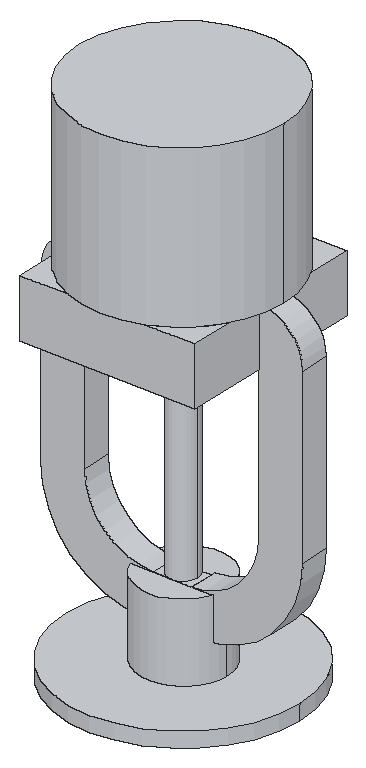
Revit family
Parameters (values of type "RASCO F156 PENDENT")
  Temperature Rating = 200 °F
  Response = (empty or 0)
  RASCO SIN # = "RA1314"
  RASCO Part # = "F56P2C"
  Pressure Rating = "175 PSI"
  Pressure Class = (empty or 0)
  Orifice Size = 1/2"
  Orifice = (empty or 0)
  Model = "F156"
  Manufacturer = "RASCO"
  K-Factor = 5.6
  Description = "Chrome Finish"
  Coverage = (empty or 0)
Reference planes (in)
  plane 1 "Center (Front/Back)": y = 0
  plane 2: z = 0
  plane 3 "Center (Left/Right)": x = 0
Dimensions and locks (in)
  aligned and locked: plane 2 to level
Nested families (in)
  nested 1: "F56P2C" at (-0.0113, 0, 2.4375) x (-1, 0, 0) z (0, 0, -1), type "RASCO F156 PENDENT"
Connectors (in)
  piping at (-0.0113, 0, 2.4375)
    settings: on nested 1, index 1, connector radius 55/128", flow factor 0, pipe flow 0 GPM, pressure drop 0.00 psi, fitting loss kfactor 0, connector angle 0.00°, fixture units 0, flow configuration 0, flow direction 0, fitting loss method 0, system type 7, connector reference index -1, connector utility 0, adjustable connector no, is connector primary yes, fitting loss table "", connector description ""
Definition of nested family "F56P2C"
  Parameters (values of type "RASCO F156 PENDENT")
    Type Comments = ""
    Temperature Rating = 0 °F
    Response = (empty or 0)
    Pressure Rating = "0"
    Pressure Class = (empty or 0)
    Orifice Size = 0"
    Orifice = (empty or 0)
    Model = ""
    Manufacturer = ""
    K-Factor = 0
    Description = ""
    Coverage = (empty or 0)
    Assembly Code = ""
  Reference planes (in)
    plane 1 "Center (Front/Back)": y = 0
    plane 2: z = 0
    plane 3 "ref.2": z = 0.6875
    plane 4 "ref.3": z = 0.9375
    plane 5: x = -0.38065
    plane 6: x = 0.36935
    plane 7 "ref. side 1": y = 0.06402
    plane 8 "ref. side 2": y = -0.06098
    plane 9 "ref.4": z = 1.875
    plane 10 "ref.5": z = 2.3125
    plane 11 "ref.6": z = 2.4375
  Forms (in)
    Extrusion 1, solid
      sketch origin (0, 0, 0) x (1, 0, 0) y (0, 1, 0)
        loop
          circle (0, 0) r 0.4379
      from 0 to 0.6875
    Extrusion 2, solid
      sketch origin (-0.12185, 0.05177, 0.6875) x (1, 0, 0) y (0, 1, 0)
        loop
          line (-0.2588, 0.356) -> (-0.2588, -0.4565) -> (0.4912, -0.4565) -> (0.4912, 0.356) -> (-0.2588, 0.356)
      from 0 to 0.25
    Extrusion 3, solid
      sketch origin (0, 0, 0) x (1, 0, 0) y (0, 0, 1)
        loop
          line (-0.38065, 0.68754) -> (-0.38065, 1.58397)
          arc (-0.38065, 1.58397) -> (-0.29541, 1.78976) -> (-0.08962, 1.875) r 0.29103
          line (-0.08962, 1.875) -> (0.07524, 1.875)
          arc (0.07524, 1.875) -> (0.28321, 1.78886) -> (0.36935, 1.58089) r 0.29411
          line (0.36935, 1.58089) -> (0.36935, 0.68751)
          arc (0.36935, 0.68751) -> (0.50207, 0.74393) -> (0.55685, 0.87734) r 0.18984
          line (0.55685, 0.87734) -> (0.55685, 1.61676)
          arc (0.55685, 1.61676) -> (0.42629, 1.93194) -> (0.11111, 2.0625) r 0.44574
          line (0.11111, 2.0625) -> (-0.12259, 2.0625)
          arc (-0.12259, 2.0625) -> (-0.43765, 1.932) -> (-0.56815, 1.61694) r 0.44556
          line (-0.56815, 1.61694) -> (-0.56815, 0.87876)
          arc (-0.56815, 0.87876) -> (-0.51345, 0.74486) -> (-0.38065, 0.68754) r 0.19126
      from -0.06402 to 0.06098
    Extrusion 4, solid
      sketch origin (0, 0, 0.9375) x (-1, 0, 0) y (0, -1, 0)
        loop
          circle (0.00574, -0.00152) r 0.0625
      from 0 to 0.9375
    Extrusion 5, solid
      sketch origin (0, 0, 1.875) x (-1, 0, 0) y (0, -1, 0)
        loop
          circle (0.00574, -0.00152) r 0.1875
      from 0 to 0.4375
    Extrusion 6, solid
      sketch origin (0, 0, 2.3125) x (0, -1, 0) y (1, 0, 0)
        loop
          circle (-0.00152, -0.00574) r 0.5
      from -0.10531 to -0.03987
  Cuts and joins
    joined: Extrusion 1, Extrusion 2, Extrusion 4
  Lines and regions (in)
    model lines
      curve 1: line (-0.00574, 0.06402, 1.875) -> (-0.00574, -0.06098, 1.875)
